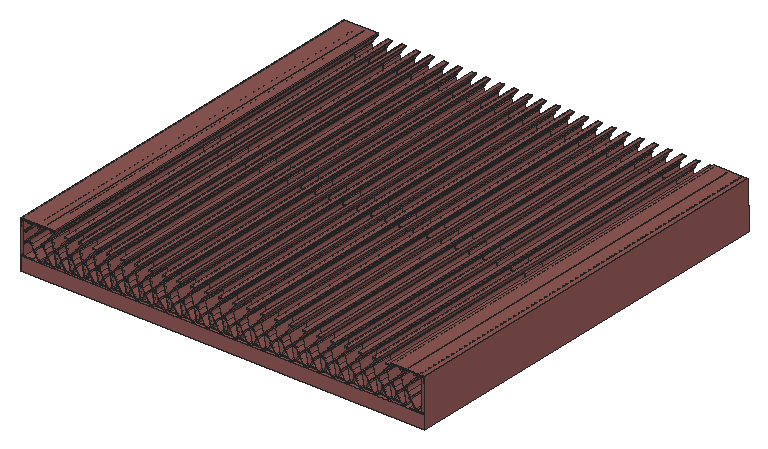
Revit family "Wall-Screen-Fixed-Vertical_Blade-LS-52V-CSR-3", category Specialty Equipment, host Face, Revit 2021
Family settings
  Host = Face
  Round Connector Dimension = Use Diameter
  Part Type = Normal
  OmniClass Number = 23.40.10.24.14
  OmniClass Title = Screens and Louvers
  Cut with Voids When Loaded = No
  Shared = No
  Room Calculation Point = No
Parameters (values of type "LS-52V Wall Screen")
  URL = "https://awv.com/"
  Type Comments = "Vertical Sight Proof Blade"  # constant formula
  Model = "LS-52V"  # constant formula
  Manufacturer = "American Warming and Ventilation"  # constant formula
  Description = "6063-T5 Extruded Aluminum Frame and Blades"  # constant formula
  CD_Width Min = 1' - 0"  # constant formula
  CD_Width Max = 8' - 0"  # constant formula
  CD_Warranty = "https://awv-cdn.nyc3.digitaloceanspaces.com/resources/AWV-Standard-Warranty.pdf"
  CD_Right Termination [instance] = yes
  Default Elevation = 8' - 0"
  CD_Width = if(CD_Requested Width > CD_Width Max, CD_Width Max, if(CD_Requested Width < CD_Width Min, CD_Width Min, CD_Requested Width))  # 5' - 0"
  CD_Termination Face [instance] = 0' - 5"
  CD_Termination Depth [instance] = 0' - 6.99712"
  CD_Requested Width = 5' - 0"
  CD_Requested Height = 5' - 0"
  CD_Product Page URL = "https://awv.com/product/vision-screens/ls-52v"
  CD_Product Name = "Sightproof Equipment Screen"  # constant formula
  CD_Product Documentation Link = "https://awv-cdn.nyc3.digitaloceanspaces.com/resources/LS-52V-Submittal.pdf"
  CD_Louver Array Control = if(((CD_Width - 0' 8 3/32") / CD_Blade Spacing) < 3, 3, (CD_Width - 0' 8 3/32") / CD_Blade Spacing)  # 26
  CD_Left Termination [instance] = yes
  CD_Height Min = 1' - 0"  # constant formula
  CD_Height Max = 8' - 0"  # constant formula
  CD_Height = if(CD_Requested Height > CD_Height Max, CD_Height Max, if(CD_Requested Height < CD_Height Min, CD_Height Min, CD_Requested Height))  # 5' - 0"
  CD_Finish = Metal-Aluminum-AWV-Kynar-Standard-Sante_Fe_Red
  CD_Depth = 0' - 6 255/256"  # constant formula
  CD_Created By = "CADdetails LTD, 2023"  # constant formula
  CD_Center Support = CD_Height > 4' 0"  # yes
  CD_Blade Spacing = 0' - 2"  # constant formula
  Assembly Code = "B2010300"
Reference planes (in)
  plane 1 "Center (Front/Back)": y = 0
  plane 2: z = 0
  plane 3 "Center (Left/Right)": x = 0
  plane 4 "Front": z = 6.99609
  plane 5 "Left": x = -30
  plane 6 "Right": x = 30
  plane 7 "Top": y = 30
  plane 8 "Bottom": y = -30
  plane 9: x = 26.99601
  plane 10: x = -24.91346
  plane 11: x = 28.99601
  plane 12: x = -26.91346
Forms (in)
  Extrusion 1, solid, material "Metal-Aluminum-AWV-Kynar-Standard-Sante_Fe_Red" <- "CD_Finish", visible <- "CD_Right Termination"
    sketch origin (0, 0, 0) x (1, 0, 0) y (0, 0, 1)
      loop
        line (30, 6.99609) -> (30, -0.00102) -> (30.07813, -0.00102) -> (30.07813, 7.07609) -> (25, 7.07609) -> (25, 6.99609) -> (30, 6.99609)
    from -30 to 30
  Extrusion 2, solid, material "Metal-Aluminum-AWV-Kynar-Standard-Sante_Fe_Red" <- "CD_Finish", visible <- "CD_Left Termination"
    sketch origin (0, 0, 0) x (1, 0, 0) y (0, 0, 1)
      loop
        line (-30, 6.99609) -> (-25, 6.99609) -> (-25, 7.07609) -> (-30.07812, 7.07609) -> (-30.07812, -0.00102) -> (-30, -0.00102) -> (-30, 6.99609)
    from -30 to 30
Dimensions and locks (in)
  locked: nested 1 to level at 2.07812
  "CD_Depth": plane 4 "Front" to level
  equal spacing: plane 7 "Top", plane 1 "Center (Front/Back)", plane 8 "Bottom"
  "CD_Height": plane 7 "Top" to plane 8 "Bottom"
  equal spacing: plane 5 "Left", plane 3 "Center (Left/Right)", plane 6 "Right"
  "CD_Width": plane 5 "Left" to plane 6 "Right"
  equal spacing: group 1, group 3, group 4, group 5, group 6, group 7, group 8, group 9, group 10, group 11, group 12, group 13, group 14, group 15, group 16, group 17, group 18, group 19, group 20, group 21, group 22, group 23, group 24, group 25, group 26, group 2  (x3)
  locked: nested 2 to plane 10
  locked: nested 3 to plane 9
  locked: nested 2 to level at 2.20518
  locked: nested 3 to level at 2.20518
  locked: plane 8 "Bottom" to nested 5
  locked: nested 4 to plane 8 "Bottom"
  locked: nested 2 to plane 8 "Bottom"
  locked: nested 3 to plane 8 "Bottom"
  locked: nested 5 to plane 12
  locked: nested 4 to plane 11
  locked: plane 6 "Right" to plane 11 at 1.00399
  locked: plane 12 to plane 5 "Left" at 3.08654
  "CD_Termination Depth": plane 4 "Front" to Extrusion 1 sketch curve
  "CD_Termination Face": Extrusion 1 sketch curve to plane 6 "Right"
  locked: Extrusion 1 sketch curve to plane 4 "Front" at 0.08
  locked: plane 6 "Right" to Extrusion 1 sketch curve at 0.07813
  locked: Extrusion 2 sketch curve to plane 4 "Front" at 0.08
  locked: Extrusion 2 sketch curve to plane 5 "Left" at 0.07812
  "CD_Termination Depth": plane 4 "Front" to Extrusion 2 sketch curve
  "CD_Termination Face": plane 5 "Left" to Extrusion 2 sketch curve
  "CD_Blade Spacing": plane 10 to plane 12
  "CD_Blade Spacing": plane 11 to plane 9
  aligned and locked: plane 2 to host face
  aligned and locked: level to host face
  aligned and locked: nested 1 to plane 3 "Center (Left/Right)"
  aligned and locked: nested 1 to plane 1 "Center (Front/Back)"
  aligned and locked: plane 4 "Front" to Extrusion 1 sketch curve
  aligned and locked: Extrusion 1 sketch curve to plane 6 "Right"
  aligned and locked: Extrusion 2 sketch curve to plane 4 "Front"
  aligned and locked: Extrusion 2 sketch curve to plane 5 "Left"
  aligned and locked: Extrusion 2 to plane 8 "Bottom"
  aligned and locked: plane 7 "Top" to Extrusion 2
  aligned and locked: Extrusion 1 to plane 8 "Bottom"
  aligned and locked: plane 7 "Top" to Extrusion 1
Automatic sketch dimensions
  host sketch curve to host sketch curve = 8' - 0"  (x2)
  plane 6 "Right" to Extrusion 1 sketch curve = 0' - 0"
Nested families (in)
  nested 1: "Nested-Frame-AWV-Vertical-LS52V" at (0, 30, 4.53711) x (1, 0, 0) z (0, -1, 0), type "LS-52V Frame"
  nested 2: "Nested-Louver-Vertical-LS52V" at (-24.91346, 0, 4.54502) x (0, 0, -1) z (-1, 0, 0), type "Louver with Supports"
  nested 3: "Nested-Louver-Vertical-LS52V" at (26.99601, 0, 4.54502) x (0, 0, -1) z (-1, 0, 0), type "Louver with Supports"
  nested 4: "Nested-Louver-Vertical-LS52V" at (28.99601, 0, 4.54518) x (0, 0, -1) z (-1, 0, 0), type "Louver without Supports"
  nested 5: "Nested-Louver-Vertical-LS52V" at (-26.91346, 0, 4.54518) x (0, 0, -1) z (-1, 0, 0), type "Louver without Supports"
  nested 6: "Nested-Louver-Vertical-LS52V" at (-22.83709, 0, 4.54502) x (0, 0, -1) z (-1, 0, 0), type "Louver with Supports"
  nested 7: "Nested-Louver-Vertical-LS52V" at (-20.76071, 0, 4.54502) x (0, 0, -1) z (-1, 0, 0), type "Louver with Supports"
  nested 8: "Nested-Louver-Vertical-LS52V" at (-18.68433, 0, 4.54502) x (0, 0, -1) z (-1, 0, 0), type "Louver with Supports"
  nested 9: "Nested-Louver-Vertical-LS52V" at (-16.60795, 0, 4.54502) x (0, 0, -1) z (-1, 0, 0), type "Louver with Supports"
  nested 10: "Nested-Louver-Vertical-LS52V" at (-14.53157, 0, 4.54502) x (0, 0, -1) z (-1, 0, 0), type "Louver with Supports"
  nested 11: "Nested-Louver-Vertical-LS52V" at (-12.45519, 0, 4.54502) x (0, 0, -1) z (-1, 0, 0), type "Louver with Supports"
  nested 12: "Nested-Louver-Vertical-LS52V" at (-10.37881, 0, 4.54502) x (0, 0, -1) z (-1, 0, 0), type "Louver with Supports"
  nested 13: "Nested-Louver-Vertical-LS52V" at (-8.30243, 0, 4.54502) x (0, 0, -1) z (-1, 0, 0), type "Louver with Supports"
  nested 14: "Nested-Louver-Vertical-LS52V" at (-6.22605, 0, 4.54502) x (0, 0, -1) z (-1, 0, 0), type "Louver with Supports"
  nested 15: "Nested-Louver-Vertical-LS52V" at (-4.14967, 0, 4.54502) x (0, 0, -1) z (-1, 0, 0), type "Louver with Supports"
  nested 16: "Nested-Louver-Vertical-LS52V" at (-2.0733, 0, 4.54502) x (0, 0, -1) z (-1, 0, 0), type "Louver with Supports"
  nested 17: "Nested-Louver-Vertical-LS52V" at (0.00308, 0, 4.54502) x (0, 0, -1) z (-1, 0, 0), type "Louver with Supports"
  nested 18: "Nested-Louver-Vertical-LS52V" at (2.07946, 0, 4.54502) x (0, 0, -1) z (-1, 0, 0), type "Louver with Supports"
  nested 19: "Nested-Louver-Vertical-LS52V" at (4.15584, 0, 4.54502) x (0, 0, -1) z (-1, 0, 0), type "Louver with Supports"
  nested 20: "Nested-Louver-Vertical-LS52V" at (6.23222, 0, 4.54502) x (0, 0, -1) z (-1, 0, 0), type "Louver with Supports"
  nested 21: "Nested-Louver-Vertical-LS52V" at (8.3086, 0, 4.54502) x (0, 0, -1) z (-1, 0, 0), type "Louver with Supports"
  nested 22: "Nested-Louver-Vertical-LS52V" at (10.38498, 0, 4.54502) x (0, 0, -1) z (-1, 0, 0), type "Louver with Supports"
  nested 23: "Nested-Louver-Vertical-LS52V" at (12.46136, 0, 4.54502) x (0, 0, -1) z (-1, 0, 0), type "Louver with Supports"
  nested 24: "Nested-Louver-Vertical-LS52V" at (14.53774, 0, 4.54502) x (0, 0, -1) z (-1, 0, 0), type "Louver with Supports"
  nested 25: "Nested-Louver-Vertical-LS52V" at (16.61412, 0, 4.54502) x (0, 0, -1) z (-1, 0, 0), type "Louver with Supports"
  nested 26: "Nested-Louver-Vertical-LS52V" at (18.69049, 0, 4.54502) x (0, 0, -1) z (-1, 0, 0), type "Louver with Supports"
  nested 27: "Nested-Louver-Vertical-LS52V" at (20.76687, 0, 4.54502) x (0, 0, -1) z (-1, 0, 0), type "Louver with Supports"
  nested 28: "Nested-Louver-Vertical-LS52V" at (22.84325, 0, 4.54502) x (0, 0, -1) z (-1, 0, 0), type "Louver with Supports"
  nested 29: "Nested-Louver-Vertical-LS52V" at (24.91963, 0, 4.54502) x (0, 0, -1) z (-1, 0, 0), type "Louver with Supports"
Definition of nested family "Nested-Frame-AWV-Vertical-LS52V"
  Parameters (values of type "LS-52V Frame")
    URL = "https://awv.com/"
    Type Comments = "Frame for Vertical Wall Screen"  # constant formula
    Model = "LS-52V"  # constant formula
    Manufacturer = "American Warming and Ventilation"  # constant formula
    Description = "6063-T5 Extruded Aluminum Frame"  # constant formula
    Default Elevation = 4' - 0"
    CD_Width = 5' - 0"
    CD_Height = 5' - 0"
    CD_Finish = none
    CD_Depth = 0' - 4 235/256"  # constant formula
    CD_Center Support = yes
    Assembly Code = "B2010300"
  Reference planes (in)
    plane 1 "Center (Front/Back)": y = 0
    plane 2 "Bottom": z = 0
    plane 3 "Center (Left/Right)": x = 0
    plane 4 "Left": x = -30
    plane 5 "Right": x = 30
    plane 6 "Front": y = -2.45898
    plane 7 "Back": y = 2.45898
    plane 8 "Top": z = 60
    plane 9 "Center (Elevation)": z = 30
  Forms (in)
    Extrusion 1, solid, material <- "CD_Finish", detail levels medium+fine
      sketch origin (0, 0, 0) x (1, 0, 0) y (0, 1, 0)
        loop
          line (-30, -1.59704) -> (-29.91913, -1.59704) -> (-29.91913, -2.34704) -> (-29.5129, -2.34704) -> (-29.5129, -1.14015) -> (-29.34899, -1.14015)
          arc (-29.34899, -1.14015) -> (-29.24671, -1.23756) -> (-29.11207, -1.19484) r 0.13873
          line (-29.11207, -1.19484) -> (-28.59022, -1.7167)
          arc (-28.59022, -1.7167) -> (-28.41594, -1.97003) -> (-28.34373, -2.26892) r 0.8458
          line (-28.34373, -2.26892) -> (-28.81191, -2.26892)
          arc (-28.81191, -2.26892) -> (-28.86645, -2.29256) -> (-28.89022, -2.34704) r 0.0811
          line (-28.89022, -2.34704) -> (-28.26395, -2.34704)
          arc (-28.26395, -2.34704) -> (-28.32838, -1.97615) -> (-28.53498, -1.66145) r 0.927
          line (-28.53498, -1.66145) -> (-29.10843, -1.088) -> (-29.14538, -1.10523)
          arc (-29.14538, -1.10523) -> (-29.25116, -1.1584) -> (-29.24249, -1.04033) r 0.06805
          line (-29.24249, -1.04033) -> (-29.18774, -1.01438) -> (-29.21136, -0.96372)
          arc (-29.21136, -0.96372) -> (-29.29643, -0.98971) -> (-29.34822, -1.06202) r 0.13873
          line (-29.34822, -1.06202) -> (-29.5129, -1.06202) -> (-29.5129, 0.34419) -> (-29.43867, 0.34419)
          arc (-29.43867, 0.34419) -> (-29.38091, 0.3576) -> (-29.33498, 0.39509) r 0.13107
          line (-29.33498, 0.39509) -> (-29.35542, 0.44694) -> (-29.41918, 0.42181)
          arc (-29.41918, 0.42181) -> (-29.50986, 0.48353) -> (-29.41918, 0.54526) r 0.06635
          line (-29.41918, 0.54526) -> (-29.35542, 0.52012) -> (-29.33498, 0.57197)
          arc (-29.33498, 0.57197) -> (-29.38091, 0.60946) -> (-29.43867, 0.62288) r 0.13107
          line (-29.43867, 0.62288) -> (-29.5129, 0.62288) -> (-29.5129, 2.25499) -> (-28.2629, 2.25499) -> (-28.2629, 2.332) -> (-30, 2.332) -> (-30, 2.25499) -> (-29.59102, 2.25499) -> (-29.59102, -2.26892) -> (-29.841, -2.26892) -> (-29.841, -1.51892) -> (-30, -1.51892) -> (-30, -1.59704)
      from 0 to 60
    Extrusion 2, solid, material <- "CD_Finish", detail levels medium+fine
      sketch origin (0, 0, 0) x (1, 0, 0) y (0, 1, 0)
        loop
          line (27.76101, 2.53711) -> (27.76101, 2.45898) -> (29.51101, 2.45898) -> (29.51101, -2.45898) -> (29.91901, -2.45898) -> (29.91901, -1.71099) -> (30, -1.71099) -> (30, -1.63287) -> (29.84088, -1.63287) -> (29.84088, -2.38086) -> (29.58914, -2.38086) -> (29.58914, 2.45898) -> (29.95119, 2.45898) -> (29.95119, 2.37628) -> (30, 2.37628) -> (30, 2.53711) -> (27.76101, 2.53711)
      from 0 to 60
    Extrusion 3, solid, material <- "CD_Finish"
      sketch origin (0, 0, 0) x (0, 1, 0) y (0, 0, 1)
        loop
          line (2.53711, 0) -> (4.53711, 0) -> (4.53711, 0.25) -> (2.78711, 0.25) -> (2.78711, 2) -> (2.53711, 2) -> (2.53711, 0)
        loop
          line (2.53711, 60) -> (2.53711, 58) -> (2.78711, 58) -> (2.78711, 59.75) -> (4.53711, 59.75) -> (4.53711, 60) -> (2.53711, 60)
      from -30 to 30
    Extrusion 4, solid, material <- "CD_Finish", visible <- "CD_Center Support"
      sketch origin (0, 0, 0) x (0, 1, 0) y (0, 0, 1)
        loop
          line (4.53711, 31.125) -> (2.53711, 31.125) -> (2.53711, 29.125) -> (2.78711, 29.125) -> (2.78711, 30.875) -> (4.53711, 30.875) -> (4.53711, 31.125)
      from -30 to 30
    Extrusion 5, solid, material <- "CD_Finish", detail levels coarse
      sketch origin (0, 0, 0) x (1, 0, 0) y (0, 1, 0)
        loop
          line (-30, -2.45898) -> (-28.25, -2.45898) -> (-28.25, -1.94643) -> (-29.5129, -0.68353) -> (-29.5129, 2.53711) -> (-30, 2.53711) -> (-30, -2.45898)
        loop
          line (30, 2.53711) -> (29.51101, 2.53711) -> (29.51101, -2.45898) -> (30, -2.45898) -> (30, 2.53711)
      from 0 to 60
  Dimensions and locks (in)
    equal spacing: plane 7 "Back", plane 1 "Center (Front/Back)", plane 6 "Front"
    "CD_Depth": plane 7 "Back" to plane 6 "Front"
    equal spacing: plane 4 "Left", plane 3 "Center (Left/Right)", plane 5 "Right"
    "CD_Width": plane 4 "Left" to plane 5 "Right"
    "CD_Height": plane 8 "Top" to level
    plane 8 "Top" to Extrusion 3 sketch curve to Extrusion 3 sketch curve = 0' - 0 1/4" locked, 0' - 1 3/4" locked
    Extrusion 3 sketch curve to Extrusion 3 sketch curve to level = 0' - 1 3/4" locked, 0' - 0 1/4" locked
    Extrusion 3 sketch curve to Extrusion 3 sketch curve to Extrusion 3 sketch curve to plane 7 "Back" = 0' - 1 3/4" locked, 0' - 0 1/4" locked, 0' - 0 5/64" locked  (x2)
    Extrusion 1 sketch curve to Extrusion 1 sketch curve to Extrusion 1 sketch curve to plane 7 "Back" = 0' - 0" locked, 0' - 0.077" locked, 0' - 0.12699" locked
    plane 1 "Center (Front/Back)" to Extrusion 1 sketch curve to Extrusion 1 sketch curve to Extrusion 1 sketch curve to Extrusion 1 sketch curve to Extrusion 1 sketch curve to Extrusion 1 sketch curve to Extrusion 1 sketch curve to Extrusion 1 sketch curve to Extrusion 1 sketch curve to Extrusion 1 sketch curve = 0' - 0.34419" locked, 0' - 0.05091" locked, 0' - 0.02671" locked, 0' - 0.02514" locked, 0' - 0.02831" locked, 0' - 0.01655" locked, 0' - 0.02831" locked, 0' - 0.02514" locked, 0' - 0.02671" locked, 0' - 0.05091" locked
    Extrusion 1 sketch curve to Extrusion 1 sketch curve to Extrusion 1 sketch curve to Extrusion 1 sketch curve to Extrusion 1 sketch curve to Extrusion 1 sketch curve to Extrusion 1 sketch curve to Extrusion 1 sketch curve to Extrusion 1 sketch curve to Extrusion 1 sketch curve to Extrusion 1 sketch curve to Extrusion 1 sketch curve to Extrusion 1 sketch curve to Extrusion 1 sketch curve to Extrusion 1 sketch curve to Extrusion 1 sketch curve to Extrusion 1 sketch curve to Extrusion 1 sketch curve to Extrusion 1 sketch curve to Extrusion 1 sketch curve to Extrusion 1 sketch curve to Extrusion 1 sketch curve to plane 6 "Front" = 0' - 0.05066" locked, 0' - 0.02595" locked, 0' - 0.02169" locked, 0' - 0.02598" locked, 0' - 0.01382" locked, 0' - 0.00056" locked, 0' - 0" locked, 0' - 0.00284" locked, 0' - 0.03492" locked, 0' - 0 7/128" locked, 0' - 0.32408" locked, 0' - 0 5/64" locked, 0' - 0.06441" locked, 0' - 0.05524" locked, 0' - 0.55222" locked, 0' - 0" locked, 0' - 0.04585" locked, 0' - 0.00217" locked, 0' - 0.0301" locked, 0' - 0" locked, 0' - 0.00293" locked, 0' - 0.10901" locked
    plane 4 "Left" to Extrusion 1 sketch curve to Extrusion 1 sketch curve to Extrusion 1 sketch curve to Extrusion 1 sketch curve to Extrusion 1 sketch curve to Extrusion 1 sketch curve to Extrusion 1 sketch curve to Extrusion 1 sketch curve to Extrusion 1 sketch curve to Extrusion 1 sketch curve to Extrusion 1 sketch curve to Extrusion 1 sketch curve to Extrusion 1 sketch curve to Extrusion 1 sketch curve to Extrusion 1 sketch curve to Extrusion 1 sketch curve to Extrusion 1 sketch curve to Extrusion 1 sketch curve to Extrusion 1 sketch curve to Extrusion 1 sketch curve to Extrusion 1 sketch curve to Extrusion 1 sketch curve to Extrusion 1 sketch curve to Extrusion 1 sketch curve to Extrusion 1 sketch curve to Extrusion 1 sketch curve to Extrusion 1 sketch curve to Extrusion 1 sketch curve to Extrusion 1 sketch curve to Extrusion 1 sketch curve = 0' - 0.08087" locked, 0' - 0 5/64" locked, 0' - 0.24998" locked, 0' - 0 5/64" locked, 0' - 0" locked, 0' - 0" locked, 0' - 0.06938" locked, 0' - 0.00484" locked, 0' - 0" locked, 0' - 0.01949" locked, 0' - 0" locked, 0' - 0.06377" locked, 0' - 0" locked, 0' - 0.00643" locked, 0' - 0.00076" locked, 0' - 0.01325" locked, 0' - 0" locked, 0' - 0.09249" locked, 0' - 0.03112" locked, 0' - 0.02362" locked, 0' - 0.04236" locked, 0' - 0.0333" locked, 0' - 0.00364" locked, 0' - 0.21821" locked, 0' - 0.07832" locked, 0' - 0.22169" locked, 0' - 0.05524" locked, 0' - 0.19124" locked, 0' - 0.07978" locked, 0' - 0.00105" locked
    Extrusion 2 sketch curve to Extrusion 2 sketch curve to Extrusion 2 sketch curve to plane 6 "Front" = 0' - 0 5/64" locked, 0' - 0.66987" locked, 0' - 0 5/64" locked
    Extrusion 2 sketch curve to plane 7 "Back" to Extrusion 2 sketch curve = 0' - 0 5/64" locked, 0' - 0.08271" locked
    Extrusion 2 sketch curve to Extrusion 2 sketch curve to Extrusion 2 sketch curve to Extrusion 2 sketch curve to Extrusion 2 sketch curve to Extrusion 2 sketch curve to plane 5 "Right" = 0' - 1 3/4" locked, 0' - 0 5/64" locked, 0' - 0.25175" locked, 0' - 0 5/64" locked, 0' - 0.03218" locked, 0' - 0.04881" locked
    equal spacing: plane 8 "Top", plane 9 "Center (Elevation)", level
    Extrusion 4 sketch curve to Extrusion 4 sketch curve to plane 9 "Center (Elevation)" to Extrusion 4 sketch curve = 0' - 0 1/4" locked, 0' - 0 7/8" locked, 0' - 0 7/8" locked
    Extrusion 4 sketch curve to Extrusion 4 sketch curve to Extrusion 4 sketch curve to plane 7 "Back" = 0' - 1 3/4" locked, 0' - 0 1/4" locked, 0' - 0 5/64" locked
    locked: Extrusion 5 sketch curve to plane 7 "Back" at 0.07812
    Extrusion 5 sketch curve to Extrusion 5 sketch curve to plane 6 "Front" = 0' - 1.2629" locked, 0' - 0.51255" locked
    locked: Extrusion 5 sketch curve to plane 7 "Back" at 0.07813
    locked: Extrusion 5 sketch curve to plane 5 "Right" at 0.48899
    plane 4 "Left" to Extrusion 5 sketch curve to Extrusion 5 sketch curve = 0' - 0.4871" locked, 0' - 1.2629" locked
    aligned and locked: plane 2 "Bottom" to level
    aligned and locked: plane 8 "Top" to Extrusion 1
    aligned and locked: Extrusion 1 to level
    aligned and locked: Extrusion 2 to level
    aligned and locked: plane 8 "Top" to Extrusion 2
    aligned and locked: plane 4 "Left" to Extrusion 3
    aligned and locked: Extrusion 3 to plane 5 "Right"
    aligned and locked: Extrusion 3 sketch curve to level
    aligned and locked: Extrusion 3 sketch curve to plane 8 "Top"
    aligned and locked: plane 4 "Left" to Extrusion 1 sketch curve
    aligned and locked: Extrusion 1 sketch curve to plane 4 "Left"
    aligned and locked: Extrusion 2 sketch curve to plane 6 "Front"
    aligned and locked: Extrusion 2 sketch curve to plane 7 "Back"
    aligned and locked: plane 7 "Back" to Extrusion 2 sketch curve
    aligned and locked: plane 5 "Right" to Extrusion 2 sketch curve
    aligned and locked: Extrusion 2 sketch curve to plane 5 "Right"
    aligned and locked: Extrusion 4 to plane 5 "Right"
    aligned and locked: plane 4 "Left" to Extrusion 4
    aligned and locked: Extrusion 5 sketch curve to plane 6 "Front"
    aligned and locked: Extrusion 5 sketch curve to plane 5 "Right"
    aligned and locked: plane 6 "Front" to Extrusion 5 sketch curve
    aligned and locked: Extrusion 5 sketch curve to plane 4 "Left"
    aligned and locked: Extrusion 5 to level
    aligned and locked: plane 8 "Top" to Extrusion 5
Definition of nested family "Nested-Louver-Vertical-LS52V"
  Parameters (values of type "Louver with Supports")
    URL = "https://awv.com/"
    Type Comments = "Louver for Vertical Wall Screen"  # constant formula
    Model = "LS-52V"  # constant formula
    Manufacturer = "American Warming and Ventilation"  # constant formula
    Description = "6063-T5 Extruded Aluminum Louver"  # constant formula
    Default Elevation = 4' - 0"
    CD_Width = 5' - 0"
    CD_Main Supports = yes
    CD_Height = 0' - 2 39/256"  # constant formula
    CD_Finish = none
    CD_Depth = 0' - 4 87/128"  # constant formula
    CD_Center Support = yes
    Assembly Code = "B2010300"
  Types (2): name | CD_Main Supports | CD_Center Support | Assembly Code
    Louver without Supports | no | no | ""
    Louver with Supports | yes | yes | "B2010300"
  Reference planes (in)
    plane 1 "Center (Front/Back)": y = 0
    plane 2 "Bottom": z = 0
    plane 3 "Center (Left/Right)": x = 0
    plane 4 "Front": y = -30
    plane 5 "Back": y = 30
    plane 6 "Left": x = -2.33984
    plane 7 "Right": x = 2.33984
    plane 8 "Top": z = 2.15234
    plane 9 "Front Support 2": y = -29.625
    plane 10 "Front Support 1": y = -26.625
    plane 11 "Back Support 1": y = 29.625
    plane 12 "Back Support 2": y = 26.625
    plane 13 "Center Support 1": y = 1.5
    plane 14 "Center Support 2": y = -1.5
  Forms (in)
    Extrusion 1, solid, material <- "CD_Finish", detail levels fine
      sketch origin (0, 0, 0) x (1, 0, 0) y (0, 0, 1)
        loop
          line (-2.34, 0.625) -> (-2.34, 0)
          arc (-2.34, 0) -> (-2.23661, 0.01777) -> (-2.14508, 0.06903) r 0.30973
          line (-2.14508, 0.06903) -> (-1.20255, 0.83227)
          arc (-1.20255, 0.83227) -> (-1.15494, 0.79445) -> (-1.09578, 0.78039) r 0.14
          line (-1.09578, 0.78039) -> (-1.08268, 0.85125)
          arc (-1.08268, 0.85125) -> (-1.13567, 0.97643) -> (-1.03058, 0.89021) r 0.07
          line (-1.03058, 0.89021) -> (-0.95704, 0.89021)
          arc (-0.95704, 0.89021) -> (-0.95749, 0.95253) -> (-0.98495, 1.00848) r 0.14
          line (-0.98495, 1.00848) -> (-0.52247, 1.38298)
          arc (-0.52247, 1.38298) -> (-0.07547, 1.56132) -> (0.39392, 1.45511) r 0.81146
          line (0.39392, 1.45511) -> (0.95318, 1.13222)
          arc (0.95318, 1.13222) -> (1.02257, 1.02402) -> (1.15097, 1.01802) r 0.14
          line (1.15097, 1.01802) -> (2.263, 0.37599) -> (2.263, 0.08999)
          arc (2.263, 0.08999) -> (2.28555, 0.03554) -> (2.34, 0.01299) r 0.077
          line (2.34, 0.01299) -> (2.34, 0.42045) -> (1.21177, 1.07183)
          arc (1.21177, 1.07183) -> (1.23201, 1.13273) -> (1.22296, 1.19626) r 0.14
          line (1.22296, 1.19626) -> (1.15239, 1.18162)
          arc (1.15239, 1.18162) -> (1.0565, 1.08527) -> (1.09664, 1.21514) r 0.07
          line (1.09664, 1.21514) -> (1.06886, 1.28324)
          arc (1.06886, 1.28324) -> (1.01089, 1.25896) -> (0.96938, 1.21177) r 0.14
          line (0.96938, 1.21177) -> (0.44751, 1.51308) -> (0.08485, 2.03415) -> (0.08485, 2.15126) -> (0.03485, 2.15126) -> (0.03485, 1.99526) -> (-0.14245, 1.97974) -> (-0.13574, 1.90304) -> (0.06909, 1.92096) -> (0.30346, 1.5842)
          arc (0.30346, 1.5842) -> (-0.15283, 1.6307) -> (-0.57164, 1.4437) r 0.88958
          line (-0.57164, 1.4437) -> (-1.05263, 1.0542)
          arc (-1.05263, 1.0542) -> (-1.18186, 1.02917) -> (-1.2332, 0.90798) r 0.14
          line (-1.2332, 0.90798) -> (-2.263, 0.07406) -> (-2.263, 0.57188) -> (-2.19859, 0.5347) -> (-2.17459, 0.57627) -> (-2.259, 0.625) -> (-2.34, 0.625)
      from -30 to 30
    Extrusion 2, solid, material <- "CD_Finish", detail levels coarse+medium
      sketch origin (0, 0, 0) x (1, 0, 0) y (0, 0, 1)
        loop
          line (-2.34, -0.08882) -> (-0.08906, 1.73395) -> (2.263, 0.37599) -> (2.263, 0) -> (2.34, 0) -> (2.34, 0.42045) -> (-0.09744, 1.8277) -> (-2.263, 0.07406) -> (-2.263, 0.625) -> (-2.34, 0.625) -> (-2.34, -0.08882)
      from -30 to 30
    Extrusion 3, solid, material <- "CD_Finish", visible <- "CD_Main Supports", detail levels medium+fine
      sketch origin (0, 0, 0) x (1, 0, 0) y (0, 0, 1)
        loop
          line (-0.95127, 0.68068) -> (2.33984, -0.07914) -> (2.43355, -0.07914) -> (2.43355, 1.92231) -> (2.33355, 1.92231) -> (1.15361, 1.34682) -> (1.07527, 1.21114)
          arc (1.07527, 1.21114) -> (1.0573, 1.1004) -> (1.14422, 1.17133) r 0.06
          line (1.14422, 1.17133) -> (1.21004, 1.28534) -> (2.35355, 1.84306) -> (2.35355, -0.0002) -> (-0.90644, 0.75243) -> (-1.041, 0.9186)
          arc (-1.041, 0.9186) -> (-1.13804, 0.97486) -> (-1.10317, 0.86825) r 0.06003
          line (-1.10317, 0.86825) -> (-0.95127, 0.68068)
      from 26.625 to 29.625
    Extrusion 4, solid, material <- "CD_Finish", visible <- "CD_Main Supports", detail levels medium+fine
      sketch origin (0, 0, 0) x (1, 0, 0) y (0, 0, 1)
        loop
          line (-0.95127, 0.68068) -> (2.33984, -0.07914) -> (2.43355, -0.07914) -> (2.43355, 1.92231) -> (2.33355, 1.92231) -> (1.15361, 1.34682) -> (1.07527, 1.21114)
          arc (1.07527, 1.21114) -> (1.0573, 1.1004) -> (1.14422, 1.17133) r 0.06
          line (1.14422, 1.17133) -> (1.21004, 1.28534) -> (2.35355, 1.84306) -> (2.35355, -0.0002) -> (-0.90644, 0.75243) -> (-1.041, 0.9186)
          arc (-1.041, 0.9186) -> (-1.13804, 0.97486) -> (-1.10317, 0.86825) r 0.06003
          line (-1.10317, 0.86825) -> (-0.95127, 0.68068)
      from -29.625 to -26.625
    Extrusion 5, solid, material <- "CD_Finish", visible <- "CD_Center Support", detail levels medium+fine
      sketch origin (0, 0, 0) x (1, 0, 0) y (0, 0, 1)
        loop
          line (-0.95127, 0.68068) -> (2.33984, -0.07914) -> (2.43355, -0.07914) -> (2.43355, 1.92231) -> (2.33355, 1.92231) -> (1.15361, 1.34682) -> (1.07527, 1.21114)
          arc (1.07527, 1.21114) -> (1.0573, 1.1004) -> (1.14422, 1.17133) r 0.06
          line (1.14422, 1.17133) -> (1.21004, 1.28534) -> (2.35355, 1.84306) -> (2.35355, -0.0002) -> (-0.90644, 0.75243) -> (-1.041, 0.9186)
          arc (-1.041, 0.9186) -> (-1.13804, 0.97486) -> (-1.10317, 0.86825) r 0.06003
          line (-1.10317, 0.86825) -> (-0.95127, 0.68068)
      from -1.5 to 1.5
  Dimensions and locks (in)
    equal spacing: plane 5 "Back", plane 1 "Center (Front/Back)", plane 4 "Front"
    "CD_Width": plane 5 "Back" to plane 4 "Front"
    equal spacing: plane 6 "Left", plane 3 "Center (Left/Right)", plane 7 "Right"
    "CD_Depth": plane 6 "Left" to plane 7 "Right"
    "CD_Height": plane 8 "Top" to level
    Extrusion 1 sketch curve to Extrusion 1 sketch curve to Extrusion 1 sketch curve to Extrusion 1 sketch curve to Extrusion 1 sketch curve to Extrusion 1 sketch curve to Extrusion 1 sketch curve to Extrusion 1 sketch curve to Extrusion 1 sketch curve to Extrusion 1 sketch curve to Extrusion 1 sketch curve to Extrusion 1 sketch curve to Extrusion 1 sketch curve to Extrusion 1 sketch curve to Extrusion 1 sketch curve to Extrusion 1 sketch curve to Extrusion 1 sketch curve to Extrusion 1 sketch curve to Extrusion 1 sketch curve to Extrusion 1 sketch curve to Extrusion 1 sketch curve to Extrusion 1 sketch curve to Extrusion 1 sketch curve to Extrusion 1 sketch curve to Extrusion 1 sketch curve to Extrusion 1 sketch curve to Extrusion 1 sketch curve to Extrusion 1 sketch curve to Extrusion 1 sketch curve to Extrusion 1 sketch curve to Extrusion 1 sketch curve to Extrusion 1 sketch curve to Extrusion 1 sketch curve to Extrusion 1 sketch curve to Extrusion 1 sketch curve to Extrusion 1 sketch curve to Extrusion 1 sketch curve to Extrusion 1 sketch curve to Extrusion 1 sketch curve to Extrusion 1 sketch curve to Extrusion 1 sketch curve to Extrusion 1 sketch curve to Extrusion 1 sketch curve to Extrusion 1 sketch curve to Extrusion 1 sketch curve to Extrusion 1 sketch curve to Extrusion 1 sketch curve to Extrusion 1 sketch curve to Extrusion 1 sketch curve to level to Extrusion 1 sketch curve = 0' - 0.1171" locked, 0' - 0.0389" locked, 0' - 0.01551" locked, 0' - 0.05879" locked, 0' - 0.01792" locked, 0' - 0.31883" locked, 0' - 0.07112" locked, 0' - 0.05797" locked, 0' - 0.01141" locked, 0' - 0.06071" locked, 0' - 0.09974" locked, 0' - 0.0681" locked, 0' - 0.00337" locked, 0' - 0.01552" locked, 0' - 0.01464" locked, 0' - 0.03635" locked, 0' - 0" locked, 0' - 0" locked, 0' - 0" locked, 0' - 0.01305" locked, 0' - 0.06038" locked, 0' - 0.01763" locked, 0' - 0.03618" locked, 0' - 0.00954" locked, 0' - 0.08811" locked, 0' - 0" locked, 0' - 0" locked, 0' - 0" locked, 0' - 0.0124" locked, 0' - 0.01777" locked, 0' - 0" locked, 0' - 0.03896" locked, 0' - 0.01898" locked, 0' - 0.05188" locked, 0' - 0.02802" locked, 0' - 0" locked, 0' - 0.12736" locked, 0' - 0.04873" locked, 0' - 0.00438" locked, 0' - 0.03719" locked, 0' - 0.11425" locked, 0' - 0.04446" locked, 0' - 0.06626" locked, 0' - 0.21974" locked, 0' - 0" locked, 0' - 0.01593" locked, 0' - 0.00504" locked, 0' - 0.05603" locked, 0' - 0.01299" locked, 0' - 0" locked
    Extrusion 1 sketch curve to Extrusion 1 sketch curve to Extrusion 1 sketch curve to Extrusion 1 sketch curve to Extrusion 1 sketch curve to Extrusion 1 sketch curve to Extrusion 1 sketch curve to Extrusion 1 sketch curve to Extrusion 1 sketch curve to Extrusion 1 sketch curve to Extrusion 1 sketch curve to Extrusion 1 sketch curve to Extrusion 1 sketch curve to Extrusion 1 sketch curve to Extrusion 1 sketch curve to Extrusion 1 sketch curve to Extrusion 1 sketch curve to Extrusion 1 sketch curve to plane 3 "Center (Left/Right)" to Extrusion 1 sketch curve to Extrusion 1 sketch curve to Extrusion 1 sketch curve to Extrusion 1 sketch curve to Extrusion 1 sketch curve to Extrusion 1 sketch curve to Extrusion 1 sketch curve to Extrusion 1 sketch curve to Extrusion 1 sketch curve to Extrusion 1 sketch curve to Extrusion 1 sketch curve to Extrusion 1 sketch curve to Extrusion 1 sketch curve to Extrusion 1 sketch curve to Extrusion 1 sketch curve to Extrusion 1 sketch curve = 0' - 0.077" locked, 0' - 0.004" locked, 0' - 0.06041" locked, 0' - 0.024" locked, 0' - 0.02952" locked, 0' - 0.91188" locked, 0' - 0.03065" locked, 0' - 0.10677" locked, 0' - 0.0131" locked, 0' - 0.03005" locked, 0' - 0.02205" locked, 0' - 0.04563" locked, 0' - 0.02791" locked, 0' - 0.3854" locked, 0' - 0.04917" locked, 0' - 0.38002" locked, 0' - 0.00671" locked, 0' - 0.13574" locked, 0' - 0.03485" locked, 0' - 0.03424" locked, 0' - 0.01576" locked, 0' - 0.21861" locked, 0' - 0.09046" locked, 0' - 0.05359" locked, 0' - 0.50568" locked, 0' - 0.0162" locked, 0' - 0.09948" locked, 0' - 0.02778" locked, 0' - 0.05433" locked, 0' - 0.00142" locked, 0' - 0.05938" locked, 0' - 0.01119" locked, 0' - 1.04004" locked, 0' - 0.077" locked
    Extrusion 2 sketch curve to Extrusion 2 sketch curve to Extrusion 2 sketch curve to Extrusion 2 sketch curve to Extrusion 2 sketch curve to Extrusion 2 sketch curve to level to Extrusion 2 sketch curve = 0' - 0 3/32" locked, 0' - 1.10895" locked, 0' - 0.20455" locked, 0' - 0.04446" locked, 0' - 0.30193" locked, 0' - 0.07406" locked, 0' - 0.08882" locked
    Extrusion 2 sketch curve to Extrusion 2 sketch curve to plane 3 "Center (Left/Right)" to Extrusion 2 sketch curve to Extrusion 2 sketch curve to Extrusion 2 sketch curve to Extrusion 2 sketch curve = 0' - 0.077" locked, 0' - 2.263" locked, 0' - 0.08906" locked, 0' - 0.00837" locked, 0' - 2.16556" locked, 0' - 0.077" locked
    plane 10 "Front Support 1" to plane 9 "Front Support 2" to plane 4 "Front" = 0' - 3" locked, 0' - 0 3/8" locked
    plane 5 "Back" to plane 11 "Back Support 1" to plane 12 "Back Support 2" = 0' - 0 3/8" locked, 0' - 3" locked
    Extrusion 3 sketch curve to Extrusion 3 sketch curve to Extrusion 3 sketch curve to Extrusion 3 sketch curve to Extrusion 3 sketch curve to Extrusion 3 sketch curve to Extrusion 3 sketch curve to Extrusion 3 sketch curve to Extrusion 3 sketch curve to Extrusion 3 sketch curve to Extrusion 3 sketch curve to Extrusion 3 sketch curve to level to Extrusion 3 sketch curve to Extrusion 3 sketch curve = 0' - 0.07925" locked, 0' - 0.49624" locked, 0' - 0.06148" locked, 0' - 0.07419" locked, 0' - 0.03981" locked, 0' - 0.01897" locked, 0' - 0.22415" locked, 0' - 0.00961" locked, 0' - 0.05035" locked, 0' - 0.11582" locked, 0' - 0.07175" locked, 0' - 0.68068" locked, 0' - 0.0002" locked, 0' - 0.07894" locked
    Extrusion 3 sketch curve to Extrusion 3 sketch curve to plane 7 "Right" to Extrusion 3 sketch curve to Extrusion 3 sketch curve to Extrusion 3 sketch curve to Extrusion 3 sketch curve to Extrusion 3 sketch curve to Extrusion 3 sketch curve to Extrusion 3 sketch curve to Extrusion 3 sketch curve to Extrusion 3 sketch curve to Extrusion 3 sketch curve = 0' - 0.08" locked, 0' - 0.01371" locked, 0' - 0" locked, 0' - 0.00629" locked, 0' - 1.12351" locked, 0' - 0.05644" locked, 0' - 0.00938" locked, 0' - 0.06895" locked, 0' - 1.98171" locked, 0' - 0.04484" locked, 0' - 0.08973" locked, 0' - 0.06217" locked
    Extrusion 4 sketch curve to Extrusion 4 sketch curve to Extrusion 4 sketch curve to Extrusion 4 sketch curve to Extrusion 4 sketch curve to Extrusion 4 sketch curve to Extrusion 4 sketch curve to Extrusion 4 sketch curve to Extrusion 4 sketch curve to Extrusion 4 sketch curve to Extrusion 4 sketch curve to Extrusion 4 sketch curve to level to Extrusion 4 sketch curve to Extrusion 4 sketch curve = 0' - 0.07925" locked, 0' - 0.49624" locked, 0' - 0.06148" locked, 0' - 0.07419" locked, 0' - 0.03981" locked, 0' - 0.01897" locked, 0' - 0.22415" locked, 0' - 0.00961" locked, 0' - 0.05035" locked, 0' - 0.11582" locked, 0' - 0.07175" locked, 0' - 0.68068" locked, 0' - 0.0002" locked, 0' - 0.07894" locked
    Extrusion 4 sketch curve to Extrusion 4 sketch curve to Extrusion 4 sketch curve to plane 7 "Right" to Extrusion 4 sketch curve to Extrusion 4 sketch curve to Extrusion 4 sketch curve to Extrusion 4 sketch curve to Extrusion 4 sketch curve to Extrusion 4 sketch curve to Extrusion 4 sketch curve to Extrusion 4 sketch curve to Extrusion 4 sketch curve = 0' - 0.08" locked, 0' - 0.01371" locked, 0' - 0" locked, 0' - 0.00629" locked, 0' - 1.12351" locked, 0' - 0.05644" locked, 0' - 0.00938" locked, 0' - 0.06895" locked, 0' - 1.98171" locked, 0' - 0.04484" locked, 0' - 0.08973" locked, 0' - 0.06217" locked
    Extrusion 5 sketch curve to Extrusion 5 sketch curve to Extrusion 5 sketch curve to Extrusion 5 sketch curve to Extrusion 5 sketch curve to Extrusion 5 sketch curve to Extrusion 5 sketch curve to Extrusion 5 sketch curve to Extrusion 5 sketch curve to Extrusion 5 sketch curve to Extrusion 5 sketch curve to Extrusion 5 sketch curve to level to Extrusion 5 sketch curve to Extrusion 5 sketch curve = 0' - 0.07925" locked, 0' - 0.49624" locked, 0' - 0.06148" locked, 0' - 0.07419" locked, 0' - 0.03981" locked, 0' - 0.01897" locked, 0' - 0.22415" locked, 0' - 0.00961" locked, 0' - 0.05035" locked, 0' - 0.11582" locked, 0' - 0.07175" locked, 0' - 0.68068" locked, 0' - 0.0002" locked, 0' - 0.07894" locked
    Extrusion 5 sketch curve to Extrusion 5 sketch curve to Extrusion 5 sketch curve to plane 7 "Right" to Extrusion 5 sketch curve to Extrusion 5 sketch curve to Extrusion 5 sketch curve to Extrusion 5 sketch curve to Extrusion 5 sketch curve to Extrusion 5 sketch curve to Extrusion 5 sketch curve to Extrusion 5 sketch curve to Extrusion 5 sketch curve = 0' - 0.08" locked, 0' - 0.01371" locked, 0' - 0" locked, 0' - 0.00629" locked, 0' - 1.12351" locked, 0' - 0.05644" locked, 0' - 0.00938" locked, 0' - 0.06895" locked, 0' - 1.98171" locked, 0' - 0.04484" locked, 0' - 0.08973" locked, 0' - 0.06217" locked
    plane 13 "Center Support 1" to plane 1 "Center (Front/Back)" to plane 14 "Center Support 2" = 0' - 1 1/2" locked, 0' - 1 1/2" locked
    aligned and locked: plane 2 "Bottom" to level
    aligned and locked: Extrusion 1 to plane 4 "Front"
    aligned and locked: Extrusion 2 sketch curve to level
    aligned and locked: plane 5 "Back" to Extrusion 2
    aligned and locked: Extrusion 2 to plane 4 "Front"
    aligned and locked: plane 5 "Back" to Extrusion 1
    aligned and locked: Extrusion 3 to plane 9 "Front Support 2"
    aligned and locked: plane 10 "Front Support 1" to Extrusion 3
    aligned and locked: plane 11 "Back Support 1" to Extrusion 4
    aligned and locked: Extrusion 4 to plane 12 "Back Support 2"
    aligned and locked: Extrusion 5 to plane 14 "Center Support 2"
    aligned and locked: plane 13 "Center Support 1" to Extrusion 5
